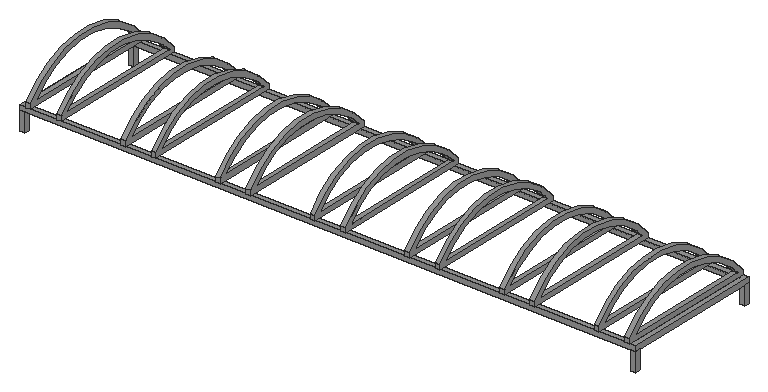
Revit family "7273 Велопарковка VELO-3 Хоббика", category Антураж, Revit 2018
Family settings
  На основе рабочей плоскости = Нет
  Всегда вертикально = Да
  При загрузке вырезать с полостями = Нет
  Источник визуального образа = Геометрия семейства
  Общий = Нет
  Точка расчета площади = Нет
Parameters (values of type "Версия на 7 мест")
  Ширина = 600 mm  # constant formula
  Цвет каркаса = Сталь
  Описание = if(Версия на 4 места, "Велопарковка VELO-3. Версия на 4 места", "Велопарковка VELO-3. Версия на 7 мест")  # "Велопарковка VELO-3. Версия на 7 мест"
  Материал изделия = "Сталь"  # constant formula
  Кол-во мест = if(Версия на 4 места, 4, 7)  # 7
  Изображение типоразмера = Велопарковка VELO-3 Арт 7273 7 мест.jpg
  Изготовитель = "ООО «Хоббика"  # constant formula
  Длина = if(Версия на 4 места, 1400 mm, 2620 mm)  # 2620 mm
  Группа модели = "Велопарковки"  # constant formula
  Высота = 268 mm  # constant formula
  Версия на 4 места = no
  Версия на 7 мест = not(Версия на 4 места)  # yes
  Артикул товара = "Арт. 7273"  # constant formula
  URL = "https://hobbyka.ru/product/veloparkovka_7-mi_mestnaia_velo-3/"
Types (3, lengths in mm): name | Описание | Кол-во мест | Изображение типоразмера | Длина | Версия на 4 места | Версия на 7 мест
  (no name) | "Велопарковка VELO-3. Версия на 7 мест" | 7 | Велопарковка VELO-3 Арт 7273 7 мест.jpg | 2620 | no | yes
  Версия на 4 места | "Велопарковка VELO-3. Версия на 4 места" | 4 | Велопарковка VELO-3 Арт 7273 4 места.jpg | 1400 | yes | no
  Версия на 7 мест | "Велопарковка VELO-3. Версия на 7 мест" | 7 | Велопарковка VELO-3 Арт 7273 7 мест.jpg | 2620 | no | yes
Reference planes
  plane 1 "По центру (Вперед/Назад)": y = 0
  plane 2: z = 0
  plane 3 "По центру (Влево/Вправо)": x = 0
  plane 4: x = 2620
  plane 5: y = 600
  plane 6: x = 100
  plane 7: x = 2520
  plane 8: z = 268
Forms (mm)
  Extrusion 1, solid, material "Сталь" <- "Цвет каркаса"
    sketch origin (0, 0, 0) x (1, 0, 0) y (0, 1, 0)
      loop
        line (0, 600) -> (0, 0) -> (2620, 0) -> (2620, 600) -> (0, 600)
      loop
        line (20, 580) -> (20, 20) -> (2600, 20) -> (2600, 580) -> (20, 580)
    from 80 to 100
  Extrusion 2, solid, material "Сталь" <- "Цвет каркаса"
    sketch origin (0, 0, 0) x (1, 0, 0) y (0, 1, 0)
      loop
        line (20, 580) -> (20, 600) -> (0, 600) -> (0, 580) -> (20, 580)
      loop
        line (20, 20) -> (0, 20) -> (0, 0) -> (20, 0) -> (20, 20)
    from 0 to 80
  Extrusion 3, solid, material "Сталь" <- "Цвет каркаса"
    sketch origin (0, 0, 0) x (1, 0, 0) y (0, 1, 0)
      loop
        line (2600, 580) -> (2620, 580) -> (2620, 600) -> (2600, 600) -> (2600, 580)
      loop
        line (2600, 20) -> (2600, 0) -> (2620, 0) -> (2620, 20) -> (2600, 20)
    from 0 to 80
Dimensions and locks
  "Длина": plane 3 "По центру (Влево/Вправо)" to plane 4
  "Ширина": plane 5 to plane 1 "По центру (Вперед/Назад)"
  plane 3 "По центру (Влево/Вправо)" to plane 6 = 100 mm
  locked: plane 7 to plane 4 at 100
  equal spacing: group 1, group 3, group 4, group 5, group 6, group 7, group 2  (x3)
  "Высота": plane 8 to plane 2
  aligned and locked: level to plane 2
  aligned and locked: Extrusion 1 sketch curve to plane 5
  aligned and locked: plane 3 "По центру (Влево/Вправо)" to Extrusion 1 sketch curve
  aligned and locked: Extrusion 1 sketch curve to plane 1 "По центру (Вперед/Назад)"
  aligned and locked: Extrusion 1 sketch curve to plane 4
  aligned and locked: plane 6 to nested 1
  aligned and locked: plane 1 "По центру (Вперед/Назад)" to nested 1
  aligned and locked: plane 7 to nested 2
  aligned and locked: Extrusion 1 to Extrusion 3 sketch curve  (x2)
  aligned and locked: Extrusion 3 sketch curve to Extrusion 1  (x6)
Automatic sketch dimensions
  plane 3 "По центру (Влево/Вправо)" to Extrusion 1 sketch curve = 20 mm
  Extrusion 1 sketch curve to plane 5 = 20 mm
  Extrusion 1 sketch curve to plane 4 = 20 mm
  Extrusion 1 sketch curve to plane 1 "По центру (Вперед/Назад)" = 20 mm
  plane 1 "По центру (Вперед/Назад)" to Extrusion 2 sketch curve = 0 mm
  Extrusion 2 sketch curve to plane 3 "По центру (Влево/Вправо)" = 0 mm  (x2)
  Extrusion 2 sketch curve to plane 5 = 0 mm
  plane 3 "По центру (Влево/Вправо)" to Extrusion 2 sketch curve = 20 mm  (x2)
  Extrusion 2 sketch curve to plane 1 "По центру (Вперед/Назад)" = 20 mm
  Extrusion 2 sketch curve to plane 5 = 20 mm
Nested families
  nested 1: "Велопарковка VELO-3 стойка велосипеда" at (100, 0, 0), type "Велопарковка VELO-3 стойка велосипеда"
  nested 2: "Велопарковка VELO-3 стойка велосипеда" at (2520, 0, 0), type "Велопарковка VELO-3 стойка велосипеда"
  nested 3: "Велопарковка VELO-3 стойка велосипеда" at (503.333, 0, 0), type "Велопарковка VELO-3 стойка велосипеда"
  nested 4: "Велопарковка VELO-3 стойка велосипеда" at (906.667, 0, 0), type "Велопарковка VELO-3 стойка велосипеда"
  nested 5: "Велопарковка VELO-3 стойка велосипеда" at (1310, 0, 0), type "Велопарковка VELO-3 стойка велосипеда"
  nested 6: "Велопарковка VELO-3 стойка велосипеда" at (1713.333, 0, 0), type "Велопарковка VELO-3 стойка велосипеда"
  nested 7: "Велопарковка VELO-3 стойка велосипеда" at (2116.667, 0, 0), type "Велопарковка VELO-3 стойка велосипеда"
Definition of nested family "Велопарковка VELO-3 стойка велосипеда"
  Parameters (values of type "Велопарковка VELO-3 стойка велосипеда")
    Цвет каркаса = none
    Height = 0 mm
  Reference planes
    plane 1 "По центру (Вперед/Назад)": y = 0
    plane 2: z = 0
    plane 3 "По центру (Влево/Вправо)": x = 0
    plane 4: z = 268
    plane 5: y = 600
  Forms (mm)
    Extrusion 1, solid, material <- "Цвет каркаса"
      sketch origin (0, 340.107, -20) x (0, 1, 0) y (0, 0, 1)
        loop
          line (-340.107, 140) -> (-340.107, 120) -> (259.893, 120) -> (259.893, 140)
          arc (259.893, 140) -> (-40.107, 288) -> (-340.107, 140) r 378.054
        loop
          arc (234.261, 140) -> (-40.107, 268) -> (-314.476, 140) r 358.054
          line (-314.476, 140) -> (234.261, 140)
      from 55 to 75
    Extrusion 2, solid, material <- "Цвет каркаса"
      sketch origin (0, 340.107, -20) x (0, 1, 0) y (0, 0, 1)
        loop
          line (259.893, 120) -> (259.893, 140)
          arc (259.893, 140) -> (-40.107, 288) -> (-340.107, 140) r 378.054
          line (-340.107, 140) -> (-340.107, 120) -> (259.893, 120)
        loop
          arc (234.261, 140) -> (-40.107, 268) -> (-314.476, 140) r 358.054
          line (-314.476, 140) -> (234.261, 140)
      from -55 to -75
  Dimensions and locks
    plane 1 "По центру (Вперед/Назад)" to plane 5 = 600 mm
    plane 5 to plane 1 "По центру (Вперед/Назад)" = 600 mm
    plane 4 to plane 2 = 268 mm
    aligned and locked: level to plane 2
